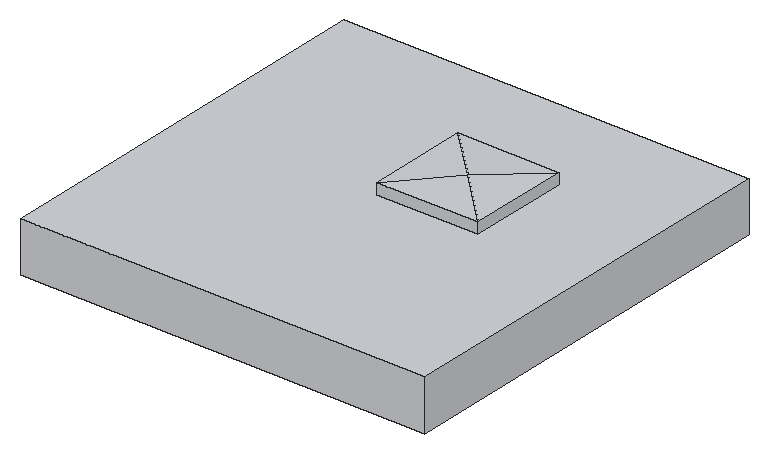
Revit family
Parameters
  Width = 2' - 0"
  WashHeight = 0' - 0 1/2"
  URL = "www.coldspringgranite.com"
  StoneMaterial = none
  SettingSpace = Height + AirGap  # 0' - 4"
  Product Name = "Match Website"
  Product Documentation Link = "Website Address"
  PhoneNumber = "800-551-7502"
  Notes = ""
  Model = "N/A"
  Manufacturer = "Cold Spring Granite Company"
  Low Emitting Material = yes
  Low Emitting Finish = yes
  Location = "17482 Granite West Road, Cold Spring, MN 56320-4578"
  Length = 2' - 0"
  LEED Credit = ""
  Keynote = "044256"
  Height = 0' - 3 1/16"
  DripWidth = 0' - 0 1/4"
  DripToEdge = 0' - 0 1/2"
  DripOnProfile = if(DripOn, 0' 0", Height)  # 0' - 0"
  DripOn = yes
  DripDepth = 0' - 0 1/4"
  Description = "Stone Coping Four Way Wash"
  Default Elevation = 0' - 0"
  CapOverhang = 0' - 1"
  Assembly Code = "B2010160"
  AirGap = 0' - 0 15/16"
Reference planes (in)
  plane 1 "Center (Front/Back)": y = 0
  plane 2: z = 0
  plane 3 "Center (Left/Right)": x = 0
  plane 4 "StoneBack": y = 23
  plane 5 "StoneFront": y = -1
  plane 6 "StoneTop": z = 4
  plane 7 "StoneBottom": z = 0.9375
  plane 8 "StoneRight": x = 23
  plane 9 "StoneLeft": x = -1
  plane 10 "StoneLeft/RightCenter": x = 11
  plane 11 "StoneFront/BackCenter": y = 11
  plane 12 "StoneWash": z = 3.5
  plane 13 "LeftDripFront": x = -0.5
  plane 14 "LeftDripBack": x = -0.25
  plane 15 "RightDripFront": x = 22.5
  plane 16 "RightDripBack": x = 22.25
  plane 17 "BackDripFront": y = 22.5
  plane 18 "BackDripBack": y = 22.25
  plane 19 "FrontDripBack": y = -0.25
  plane 20 "FrontDripFront": y = -0.5
  plane 21 "DripTop": z = 1.1875
  plane 22 "DripBottom": z = 0.9375
Forms (in)
  Extrusion 1, solid
    sketch origin (0, 0, 0) x (1, 0, 0) y (0, 1, 0)
      loop
        line (-48, 48) -> (-48, -48) -> (48, -48) -> (48, 48) -> (-48, 48)
    from 0 to -12
  Extrusion 2, solid, material <- "StoneMaterial", detail levels medium+fine
    sketch origin (0, 0, 0) x (0, 1, 0) y (0, 0, 1)
      loop
        line (23, 3.5) -> (11, 4) -> (-1, 3.5) -> (-1, 0.9375) -> (23, 0.9375) -> (23, 3.5)
    from -1 to 23
  Extrusion 3, void, detail levels medium+fine
    sketch origin (0, 0, 0) x (1, 0, 0) y (0, 0, 1)
      loop
        line (-1, 3.5) -> (11, 4) -> (-1, 4) -> (-1, 3.5)
    from -23 to 1
  Extrusion 4, void, detail levels medium+fine
    sketch origin (0, 0, 0) x (1, 0, 0) y (0, 0, 1)
      loop
        line (11, 4) -> (23, 3.5) -> (23, 4) -> (11, 4)
    from -23 to 1
  Extrusion 5, solid, material <- "StoneMaterial", detail levels coarse
    sketch origin (0, 0, 0) x (0, 1, 0) y (0, 0, 1)
      loop
        line (23, 4) -> (-1, 4) -> (-1, 0.9375) -> (23, 0.9375) -> (23, 4)
    from -1 to 23
  Extrusion 6, void, detail levels medium+fine
    sketch origin (0, 0, 4) x (0, 1, 0) y (-1, 0, 0)
      loop
        line (-0.5, 0.5) -> (-0.5, -22.5) -> (22.5, -22.5) -> (22.5, 0.5) -> (-0.5, 0.5)
      loop
        line (-0.25, 0.25) -> (-0.25, -22.25) -> (22.25, -22.25) -> (22.25, 0.25) -> (-0.25, 0.25)
    from -3.0625 to -2.8125
Cuts and joins
  Extrusion 3, Extrusion 4, Extrusion 6 cuts Extrusion 2
  Extrusion 6 cuts Extrusion 5
Lines and regions (in)
  Masking region 1, detail levels coarse
    outline origin (0, 0, 0) x (1, 0, 0) y (0, 0, 1)
      loop
        line (-1, 4) -> (-1, 0.9375) -> (23, 0.9375) -> (23, 4) -> (-1, 4)
  Masking region 2
    outline origin (0, 0, 3.5) x (0, 1, 0) y (-1, 0, 0)
      loop
        line (23, 1) -> (-1, 1) -> (-1, -23) -> (23, -23) -> (23, 1)
  Masking region 3, detail levels coarse
    outline origin (0, 0, 0) x (0, 1, 0) y (0, 0, 1)
      loop
        line (23, 4) -> (-1, 4) -> (-1, 0.9375) -> (23, 0.9375) -> (23, 4)
  Masking region 4, detail levels medium+fine
    outline origin (0, 0, 0) x (0, 1, 0) y (0, 0, 1)
      loop
        line (23, 3.5) -> (11, 4) -> (-1, 3.5) -> (-1, 0.9375) -> (23, 0.9375) -> (23, 3.5)
  Masking region 5, detail levels medium+fine
    outline origin (0, 0, 0) x (1, 0, 0) y (0, 0, 1)
      loop
        line (-1, 3.5) -> (-1, 0.9375) -> (23, 0.9375) -> (23, 3.5) -> (11, 4) -> (-1, 3.5)
  Masking region 6, visible <- "DripOn", detail levels medium+fine
    outline origin (0, 0, 0.9375) x (-1, 0, 0) y (0, -1, 0)
      loop
        line (0.25, 0.25) -> (-22.25, 0.25) -> (-22.25, -22.25) -> (0.25, -22.25) -> (0.25, 0.25)
      loop
        line (0.5, 0.5) -> (-22.5, 0.5) -> (-22.5, -22.5) -> (0.5, -22.5) -> (0.5, 0.5)
  Masking region 7, visible <- "DripOn", detail levels fine
    outline origin (0, 0, 0) x (1, 0, 0) y (0, 0, 1)
      loop
        line (-0.5, 0.9375) -> (-0.25, 0.9375) -> (-0.25, 1.1875) -> (-0.5, 1.1875) -> (-0.5, 0.9375)
      loop
        line (22.25, 0.9375) -> (22.5, 0.9375) -> (22.5, 1.1875) -> (22.25, 1.1875) -> (22.25, 0.9375)
  Masking region 8, visible <- "DripOn", detail levels fine
    outline origin (0, 0, 0) x (0, 1, 0) y (0, 0, 1)
      loop
        line (22.5, 0.9375) -> (22.5, 1.1875) -> (22.25, 1.1875) -> (22.25, 0.9375) -> (22.5, 0.9375)
      loop
        line (-0.25, 0.9375) -> (-0.25, 1.1875) -> (-0.5, 1.1875) -> (-0.5, 0.9375) -> (-0.25, 0.9375)
  symbolic lines, detail levels medium+fine
    curve 1: line (-1, -1, 4) -> (23, 23, 4)
    curve 2: line (23, -1, 4) -> (-1, 23, 4)
  symbolic lines, detail levels medium
    curve 3: line (0, 23, 3.5) -> (0, -1, 3.5)
    curve 4: line (-1, 0, 3.5) -> (23, 0, 3.5)
Dimensions and locks (in)
  "Width": plane 4 "StoneBack" to plane 5 "StoneFront"
  "Height": plane 6 "StoneTop" to plane 7 "StoneBottom"
  "SettingSpace": plane 6 "StoneTop" to plane 2
  "Length": plane 8 "StoneRight" to plane 9 "StoneLeft"
  "CapOverhang": plane 1 "Center (Front/Back)" to plane 5 "StoneFront"
  "CapOverhang": plane 3 "Center (Left/Right)" to plane 9 "StoneLeft"
  equal spacing: plane 8 "StoneRight", plane 10 "StoneLeft/RightCenter", plane 9 "StoneLeft"
  equal spacing: plane 4 "StoneBack", plane 11 "StoneFront/BackCenter", plane 5 "StoneFront"
  "WashHeight": plane 6 "StoneTop" to plane 12 "StoneWash"
  "DripOnProfile": plane 7 "StoneBottom" to plane 22 "DripBottom"
  "DripDepth": plane 21 "DripTop" to plane 22 "DripBottom"
  "DripToEdge": plane 13 "LeftDripFront" to plane 9 "StoneLeft"
  "DripWidth": plane 13 "LeftDripFront" to plane 14 "LeftDripBack"
  "DripToEdge": plane 8 "StoneRight" to plane 15 "RightDripFront"
  "DripWidth": plane 16 "RightDripBack" to plane 15 "RightDripFront"
  "DripToEdge": plane 4 "StoneBack" to plane 17 "BackDripFront"
  "DripWidth": plane 17 "BackDripFront" to plane 18 "BackDripBack"
  "DripToEdge": plane 20 "FrontDripFront" to plane 5 "StoneFront"
  "DripWidth": plane 19 "FrontDripBack" to plane 20 "FrontDripFront"
  aligned and locked: plane 2 to Extrusion 1
  aligned and locked: level to Extrusion 1
  aligned and locked: plane 6 "StoneTop" to Masking region 1
  aligned and locked: plane 8 "StoneRight" to Masking region 1
  aligned: Masking region 1 to plane 3 "Center (Left/Right)"
  aligned: Masking region 1 to plane 2
  aligned and locked: Masking region 2 to plane 5 "StoneFront"
  aligned and locked: plane 4 "StoneBack" to Masking region 2
  aligned and locked: plane 8 "StoneRight" to Masking region 2
  aligned: Masking region 2 to plane 3 "Center (Left/Right)"
  aligned and locked: Masking region 3 to plane 4 "StoneBack"
  aligned and locked: plane 5 "StoneFront" to Masking region 3
  aligned and locked: plane 7 "StoneBottom" to Masking region 3
  aligned and locked: Masking region 3 to plane 6 "StoneTop"
  aligned and locked: plane 7 "StoneBottom" to Masking region 1 sketch curve
  aligned and locked: Masking region 2 to plane 9 "StoneLeft"
  aligned and locked: Masking region 1 to plane 9 "StoneLeft"
  aligned and locked: plane 9 "StoneLeft" to curve 2
  aligned and locked: plane 4 "StoneBack" to curve 2
  aligned and locked: plane 4 "StoneBack" to curve 1
  aligned and locked: plane 8 "StoneRight" to curve 1
  aligned and locked: plane 5 "StoneFront" to curve 2
  aligned and locked: plane 8 "StoneRight" to curve 2
  aligned and locked: plane 5 "StoneFront" to curve 1
  aligned and locked: plane 9 "StoneLeft" to curve 1
  aligned and locked: plane 4 "StoneBack" to Extrusion 2 sketch curve  (x2)
  aligned and locked: plane 12 "StoneWash" to Extrusion 2 sketch curve  (x2)
  aligned and locked: plane 5 "StoneFront" to Extrusion 2 sketch curve  (x2)
  aligned and locked: plane 11 "StoneFront/BackCenter" to Extrusion 2 sketch curve
  aligned and locked: plane 6 "StoneTop" to Extrusion 2 sketch curve
  aligned and locked: plane 7 "StoneBottom" to Extrusion 2 sketch curve
  aligned and locked: plane 8 "StoneRight" to Extrusion 2
  aligned and locked: Extrusion 2 to plane 9 "StoneLeft"
  aligned and locked: plane 9 "StoneLeft" to Extrusion 3 sketch curve
  aligned and locked: plane 12 "StoneWash" to Extrusion 3 sketch curve
  aligned and locked: plane 6 "StoneTop" to Extrusion 3 sketch curve
  aligned and locked: plane 10 "StoneLeft/RightCenter" to Extrusion 3 sketch curve
  aligned and locked: Extrusion 3 sketch curve to plane 6 "StoneTop"
  aligned and locked: Extrusion 3 sketch curve to plane 9 "StoneLeft"
  aligned and locked: plane 4 "StoneBack" to Extrusion 3
  aligned and locked: Extrusion 3 to plane 5 "StoneFront"
  aligned and locked: plane 10 "StoneLeft/RightCenter" to Extrusion 4 sketch curve
  aligned and locked: plane 8 "StoneRight" to Extrusion 4 sketch curve
  aligned and locked: plane 12 "StoneWash" to Extrusion 4 sketch curve
  aligned and locked: Extrusion 4 sketch curve to plane 6 "StoneTop"
  aligned and locked: Extrusion 4 sketch curve to plane 8 "StoneRight"
  aligned and locked: plane 4 "StoneBack" to Extrusion 4
  aligned and locked: Extrusion 4 to plane 5 "StoneFront"
  aligned and locked: plane 6 "StoneTop" to Extrusion 5 sketch curve
  aligned and locked: plane 7 "StoneBottom" to Extrusion 5 sketch curve
  aligned and locked: plane 5 "StoneFront" to Extrusion 5 sketch curve
  aligned and locked: plane 4 "StoneBack" to Extrusion 5 sketch curve
  aligned and locked: Extrusion 5 to Masking region 1
  aligned and locked: plane 8 "StoneRight" to Extrusion 5
  aligned and locked: plane 11 "StoneFront/BackCenter" to Masking region 4 sketch curve
  aligned and locked: plane 6 "StoneTop" to Masking region 4 sketch curve
  aligned and locked: plane 4 "StoneBack" to Masking region 4 sketch curve  (x2)
  aligned and locked: plane 12 "StoneWash" to Masking region 4 sketch curve  (x2)
  aligned and locked: plane 5 "StoneFront" to Masking region 4 sketch curve  (x2)
  aligned and locked: plane 7 "StoneBottom" to Masking region 4 sketch curve
  aligned and locked: plane 12 "StoneWash" to curve 3
  aligned and locked: plane 4 "StoneBack" to curve 3
  aligned and locked: plane 5 "StoneFront" to curve 3
  aligned and locked: plane 10 "StoneLeft/RightCenter" to Masking region 5 sketch curve
  aligned and locked: plane 6 "StoneTop" to Masking region 5 sketch curve
  aligned and locked: plane 12 "StoneWash" to Masking region 5 sketch curve  (x2)
  aligned and locked: Masking region 5 sketch curve to plane 9 "StoneLeft"
  aligned and locked: Masking region 5 sketch curve to plane 8 "StoneRight"
  aligned and locked: Masking region 5 sketch curve to plane 7 "StoneBottom"
  aligned and locked: curve 4 to plane 12 "StoneWash"
  aligned and locked: plane 9 "StoneLeft" to curve 4
  aligned and locked: plane 8 "StoneRight" to curve 4
  aligned and locked: Extrusion 6 sketch curve to plane 13 "LeftDripFront"
  aligned and locked: Extrusion 6 sketch curve to plane 14 "LeftDripBack"
  aligned and locked: Extrusion 6 sketch curve to plane 18 "BackDripBack"
  aligned and locked: Extrusion 6 sketch curve to plane 17 "BackDripFront"
  aligned and locked: Extrusion 6 sketch curve to plane 16 "RightDripBack"
  aligned and locked: Extrusion 6 sketch curve to plane 15 "RightDripFront"
  aligned and locked: Extrusion 6 sketch curve to plane 19 "FrontDripBack"
  aligned and locked: Extrusion 6 sketch curve to plane 20 "FrontDripFront"
  aligned and locked: Extrusion 6 to plane 22 "DripBottom"
  aligned and locked: plane 21 "DripTop" to Extrusion 6
  aligned and locked: Masking region 6 sketch curve to plane 14 "LeftDripBack"
  aligned and locked: Masking region 6 sketch curve to plane 13 "LeftDripFront"
  aligned and locked: Masking region 6 sketch curve to plane 17 "BackDripFront"
  aligned and locked: Masking region 6 sketch curve to plane 18 "BackDripBack"
  aligned and locked: Masking region 6 sketch curve to plane 20 "FrontDripFront"
  aligned and locked: Masking region 6 sketch curve to plane 19 "FrontDripBack"
  aligned and locked: Masking region 6 sketch curve to plane 16 "RightDripBack"
  aligned and locked: Masking region 6 sketch curve to plane 15 "RightDripFront"
  aligned and locked: Masking region 7 sketch curve to plane 13 "LeftDripFront"
  aligned and locked: Masking region 7 sketch curve to plane 14 "LeftDripBack"
  aligned and locked: Masking region 7 sketch curve to plane 16 "RightDripBack"
  aligned and locked: Masking region 7 sketch curve to plane 15 "RightDripFront"
  aligned and locked: Masking region 7 sketch curve to plane 22 "DripBottom"  (x2)
  aligned and locked: Masking region 7 sketch curve to plane 21 "DripTop"  (x2)
  aligned and locked: plane 17 "BackDripFront" to Masking region 8 sketch curve
  aligned and locked: plane 18 "BackDripBack" to Masking region 8 sketch curve
  aligned and locked: plane 19 "FrontDripBack" to Masking region 8 sketch curve
  aligned and locked: plane 20 "FrontDripFront" to Masking region 8 sketch curve
  aligned and locked: plane 22 "DripBottom" to Masking region 8 sketch curve
  aligned and locked: plane 21 "DripTop" to Masking region 8 sketch curve
  aligned and locked: Masking region 8 sketch curve to plane 21 "DripTop"
  aligned and locked: Masking region 8 sketch curve to plane 22 "DripBottom"
Automatic sketch dimensions
  Extrusion 1 sketch curve to Extrusion 1 sketch curve = 8' - 0"  (x2)
  Masking region 1 sketch curve to plane 3 "Center (Left/Right)" = 0' - 1"
  plane 8 "StoneRight" to Masking region 1 sketch curve = 0' - 0"
  plane 6 "StoneTop" to Masking region 1 sketch curve = 0' - 0"
  Masking region 3 sketch curve to plane 5 "StoneFront" = 0' - 0"
  plane 4 "StoneBack" to Masking region 3 sketch curve = 0' - 0"
  level to Masking region 3 sketch curve = 0' - 0 15/16"
  plane 6 "StoneTop" to Masking region 3 sketch curve = 0' - 0"
  Masking region 2 sketch curve to plane 5 "StoneFront" = 0' - 0"
  Masking region 2 sketch curve to plane 4 "StoneBack" = 0' - 0"
  Masking region 2 sketch curve to plane 8 "StoneRight" = 0' - 0"
  Masking region 2 sketch curve to plane 9 "StoneLeft" = 0' - 0"
Nested families (in)
  nested 1: "CopyRight" at (0, 0, 4), type "CopyRight"
Definition of nested family "CopyRight"
  Parameters (values of type "CopyRight")
    CopyRight = "Cold Spring Granite Company"
  Reference planes (in)
    plane 1: z = 0
